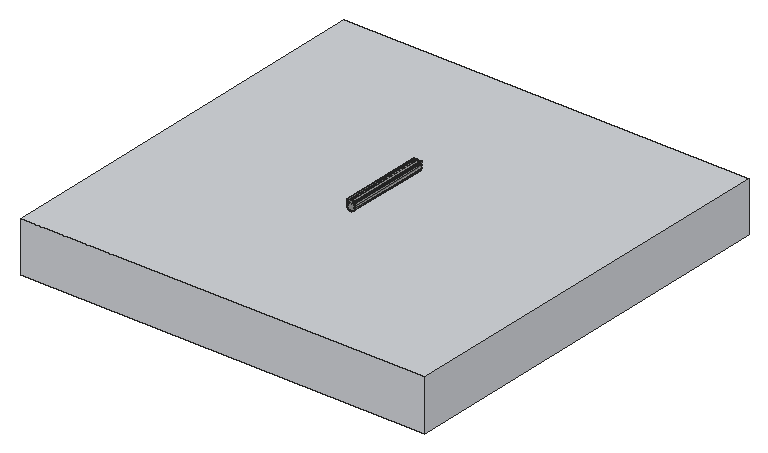
Revit family "L-trade 16 Standart", category Осветительные приборы, Revit 2017
Family settings
  Основа = Грань
  Размер круглого соединителя = Использовать диаметр
  Тип детали = Нормальный
  При загрузке вырезать с полостями = Нет
  Источник света = Да
  Общий = Нет
  Точка расчета площади = Нет
Parameters (values of type "L-trade 16 Standart 4.0K")
  Расстояние от светильника до поверхности = 100 mm
  Описание = "Универсальный светодиодный светильник L-trade 16 Standart предназначен для освещения торговых залов, промышленных помещений, логистических центров, магазинов, спортивных сооружений и т.д."
  Lamp = ""
  Кривая сил света = "Д"
  Комментарии к типоразмеру = "Торговые"
  Wattage Comments = ""
  Wattage = 10.1453 W
  built-in parameter 1150110 = 1 (stored number, unit not read)
  built-in parameter 1114217 = 1 (stored number, unit not read)
  Tilt Angle = 90.00°
  built-in parameter 1150109 = 1 (stored number, unit not read)
  built-in parameter 1150134 = 12
  built-in parameter 1150113 = 1 (stored number, unit not read)
  Файл фотометрической сетки = "L-trade 16-15-D-4.0K-02-Standart.ies"
  built-in parameter 1150142 = "IESNA:LM-63-1995\r\n[TEST]LEDEL\r\n[DATA]28.10.2017\r\n[MANUFAC]LEDEL\r\n[LUMCAT]L-trade 16-15-Д-4.0K-02-Standart\r\n[LUMINAIRE]Для общего внутреннего освещения производственных помещений, торговых залов, складов\r\n[LAMPCAT]LED\r\n[LAMP]OSRAM DURIS \r\nTILT=NONE\r\n\r\n1 1507 0.47152 37 10 1 2 0.537 0.048 0.0565\r\n\r\n1 1 15\r\n\r\n 0 2.5 5 7.5 10 12.5 15 17.5 20 22.5 25 27.5 30 32.5 35 37.5 40 42.5 45 47.5 50 52.5 55 57.5 60 62.5 65 67.5 70 72.5 75 77.5 80 82.5\r\n 85 87.5 90\r\n\r\n 0 10 20 30 40 50 60 70 80 90\r\n\r\n  1164 1166 1161 1156 1146 1132 1116 1094 1070 1043 1013 982 947 911 873 835 794 754 712 670 628 584 541 499 457 415 371 330\r\n  286 247 204 164 124 89 60 37 21\r\n  1161 1164 1164 1158 1149 1135 1119 1099 1075 1049 1020 988 954 917 880 840 799 759 717 675 632 590 546 504 460 417 373 331\r\n  290 250 210 171 133 98 67 42 22\r\n  1162 1164 1162 1158 1149 1134 1118 1099 1074 1049 1018 987 954 917 880 840 800 759 717 675 634 590 547 504 461 419 376 333\r\n  290 248 207 164 122 88 56 35 20\r\n  1164 1166 1164 1158 1148 1134 1117 1099 1074 1049 1018 988 954 920 882 844 804 764 722 681 638 599 556 514 470 425 381 335\r\n  292 250 209 171 133 97 66 40 22\r\n  1162 1166 1164 1158 1149 1136 1122 1100 1079 1052 1024 993 959 925 888 849 811 770 729 687 645 602 560 518 473 431 386 342\r\n  301 257 218 177 139 102 67 40 22\r\n  1164 1166 1164 1158 1149 1135 1120 1100 1079 1054 1026 997 964 929 893 855 818 778 737 695 653 611 568 525 482 440 395 351\r\n  308 265 222 180 140 103 69 42 22\r\n  1166 1166 1164 1158 1148 1135 1119 1100 1076 1052 1024 993 961 927 891 853 814 776 735 693 651 608 565 521 477 433 388 342 \r\n  296 248 202 162 122 86 55 31 15\r\n  1166 1166 1164 1158 1148 1135 1119 1100 1077 1052 1024 993 961 927 891 855 815 776 735 693 651 608 564 521 476 433 388 344\r\n  299 256 212 169 126 89 56 31 15\r\n  1166 1166 1164 1158 1150 1137 1123 1105 1083 1058 1032 1003 971 936 900 863 823 782 743 700 660 619 577 534 491 448 402 359\r\n  314 271 227 183 143 103 69 39 20\r\n  1166 1166 1164 1158 1149 1135 1122 1102 1081 1056 1028 999 967 932 897 858 821 781 741 700 657 613 570 527 484 440 395 351\r\n  307 263 221 179 137 98 64 36 19\r\n  \r"
  built-in parameter 1150105 = 119.92 (stored number, unit not read)
  Lumens = 1507 lm
  built-in parameter 1150115 = 1 (stored number, unit not read)
  built-in parameter 1150137 = (empty or 0)
  built-in parameter 1150139 = (empty or 0)
  built-in parameter 1150112 = 1 (stored number, unit not read)
  built-in parameter 1150114 = 1 (stored number, unit not read)
  built-in parameter 1150132 = 2
  Классификация нагрузок = Освещение
  built-in parameter 1150102 = (empty or 0)
  built-in parameter 1150107 = 4000 (stored number, unit not read)
  built-in parameter 1150138 = (empty or 0)
  built-in parameter 1150106 = 1.1992 (stored number, unit not read)
  Emit from Rectangle Width = 37.9 mm
  Emit from Rectangle Length = 485 mm
  Изготовитель = "LEDEL"
  Длина профиля = Emit from Rectangle Length + 15 mm  # 500 mm
  Emit Shape Visible in Rendering = no
  built-in parameter 1150104 = 13.8 (stored number, unit not read)
  Dimming Lamp Color Temperature Shift = (empty or 0)
  Default Elevation = 1219.2 mm
  Color Filter = 16777215
  built-in parameter 1114218 = 1 (stored number, unit not read)
  built-in parameter 1150133 = 10 (stored number, unit not read)
  Apparent Load = 15 VA  # constant formula
  Артикул = "311101500842100"
Types (2, lengths in mm): name | built-in parameter 1150134 | Файл фотометрической сетки | built-in parameter 1150142 | built-in parameter 1150107 | Артикул
  L-trade 16 Standart 4.0K | 12 | "L-trade 16-15-D-4.0K-02-Standart.ies" | "IESNA:LM-63-1995\r\n[TEST]LEDEL\r\n[DATA]28.10.2017\r\n[MANUFAC]LEDEL\r\n[LUMCAT]L-trade 16-15-Д-4.0K-02-Standart\r\n[LUMINAIRE]Для общего внутреннего освещения производственных помещений, торговых залов, складов\r\n[LAMPCAT]LED\r\n[LAMP]OSRAM DURIS \r\nTILT=NONE\r\n\r\n1 1507 0.47152 37 10 1 2 0.537 0.048 0.0565\r\n\r\n1 1 15\r\n\r\n 0 2.5 5 7.5 10 12.5 15 17.5 20 22.5 25 27.5 30 32.5 35 37.5 40 42.5 45 47.5 50 52.5 55 57.5 60 62.5 65 67.5 70 72.5 75 77.5 80 82.5\r\n 85 87.5 90\r\n\r\n 0 10 20 30 40 50 60 70 80 90\r\n\r\n  1164 1166 1161 1156 1146 1132 1116 1094 1070 1043 1013 982 947 911 873 835 794 754 712 670 628 584 541 499 457 415 371 330\r\n  286 247 204 164 124 89 60 37 21\r\n  1161 1164 1164 1158 1149 1135 1119 1099 1075 1049 1020 988 954 917 880 840 799 759 717 675 632 590 546 504 460 417 373 331\r\n  290 250 210 171 133 98 67 42 22\r\n  1162 1164 1162 1158 1149 1134 1118 1099 1074 1049 1018 987 954 917 880 840 800 759 717 675 634 590 547 504 461 419 376 333\r\n  290 248 207 164 122 88 56 35 20\r\n  1164 1166 1164 1158 1148 1134 1117 1099 1074 1049 1018 988 954 920 882 844 804 764 722 681 638 599 556 514 470 425 381 335\r\n  292 250 209 171 133 97 66 40 22\r\n  1162 1166 1164 1158 1149 1136 1122 1100 1079 1052 1024 993 959 925 888 849 811 770 729 687 645 602 560 518 473 431 386 342\r\n  301 257 218 177 139 102 67 40 22\r\n  1164 1166 1164 1158 1149 1135 1120 1100 1079 1054 1026 997 964 929 893 855 818 778 737 695 653 611 568 525 482 440 395 351\r\n  308 265 222 180 140 103 69 42 22\r\n  1166 1166 1164 1158 1148 1135 1119 1100 1076 1052 1024 993 961 927 891 853 814 776 735 693 651 608 565 521 477 433 388 342 \r\n  296 248 202 162 122 86 55 31 15\r\n  1166 1166 1164 1158 1148 1135 1119 1100 1077 1052 1024 993 961 927 891 855 815 776 735 693 651 608 564 521 476 433 388 344\r\n  299 256 212 169 126 89 56 31 15\r\n  1166 1166 1164 1158 1150 1137 1123 1105 1083 1058 1032 1003 971 936 900 863 823 782 743 700 660 619 577 534 491 448 402 359\r\n  314 271 227 183 143 103 69 39 20\r\n  1166 1166 1164 1158 1149 1135 1122 1102 1081 1056 1028 999 967 932 897 858 821 781 741 700 657 613 570 527 484 440 395 351\r\n  307 263 221 179 137 98 64 36 19\r\n  \r" | 4000 (stored number, unit not read) | "311101500842100"
  L-trade 16 Standart 5.0K | 2 | "L-trade 16-15-D-5.0K-02-Standart.ies" | "IESNA:LM-63-1995\r\n[TEST]LEDEL\r\n[DATA]28.10.2017\r\n[MANUFAC]LEDEL\r\n[LUMCAT]L-trade 16-15-Д-5.0K-02-Standart\r\n[LUMINAIRE]Для общего внутреннего освещения производственных помещений, торговых залов, складов\r\n[LAMPCAT]LED\r\n[LAMP]OSRAM DURIS \r\nTILT=NONE\r\n\r\n1 1507 0.47152 37 10 1 2 0.537 0.048 0.0565\r\n\r\n1 1 15\r\n\r\n 0 2.5 5 7.5 10 12.5 15 17.5 20 22.5 25 27.5 30 32.5 35 37.5 40 42.5 45 47.5 50 52.5 55 57.5 60 62.5 65 67.5 70 72.5 75 77.5 80 82.5\r\n 85 87.5 90\r\n\r\n 0 10 20 30 40 50 60 70 80 90\r\n\r\n  1164 1166 1161 1156 1146 1132 1116 1094 1070 1043 1013 982 947 911 873 835 794 754 712 670 628 584 541 499 457 415 371 330\r\n  286 247 204 164 124 89 60 37 21\r\n  1161 1164 1164 1158 1149 1135 1119 1099 1075 1049 1020 988 954 917 880 840 799 759 717 675 632 590 546 504 460 417 373 331\r\n  290 250 210 171 133 98 67 42 22\r\n  1162 1164 1162 1158 1149 1134 1118 1099 1074 1049 1018 987 954 917 880 840 800 759 717 675 634 590 547 504 461 419 376 333\r\n  290 248 207 164 122 88 56 35 20\r\n  1164 1166 1164 1158 1148 1134 1117 1099 1074 1049 1018 988 954 920 882 844 804 764 722 681 638 599 556 514 470 425 381 335\r\n  292 250 209 171 133 97 66 40 22\r\n  1162 1166 1164 1158 1149 1136 1122 1100 1079 1052 1024 993 959 925 888 849 811 770 729 687 645 602 560 518 473 431 386 342\r\n  301 257 218 177 139 102 67 40 22\r\n  1164 1166 1164 1158 1149 1135 1120 1100 1079 1054 1026 997 964 929 893 855 818 778 737 695 653 611 568 525 482 440 395 351\r\n  308 265 222 180 140 103 69 42 22\r\n  1166 1166 1164 1158 1148 1135 1119 1100 1076 1052 1024 993 961 927 891 853 814 776 735 693 651 608 565 521 477 433 388 342 \r\n  296 248 202 162 122 86 55 31 15\r\n  1166 1166 1164 1158 1148 1135 1119 1100 1077 1052 1024 993 961 927 891 855 815 776 735 693 651 608 564 521 476 433 388 344\r\n  299 256 212 169 126 89 56 31 15\r\n  1166 1166 1164 1158 1150 1137 1123 1105 1083 1058 1032 1003 971 936 900 863 823 782 743 700 660 619 577 534 491 448 402 359\r\n  314 271 227 183 143 103 69 39 20\r\n  1166 1166 1164 1158 1149 1135 1122 1102 1081 1056 1028 999 967 932 897 858 821 781 741 700 657 613 570 527 484 440 395 351\r\n  307 263 221 179 137 98 64 36 19\r\n  \r" | 5000 (stored number, unit not read) | "211012"
Reference planes
  plane 1 "Center (Front/Back)": y = 0
  plane 2: z = 0
  plane 3 "Center (Left/Right)": x = 0
Forms (mm)
  Extrusion 1, solid
    sketch origin (0, 0, 0) x (1, 0, 0) y (0, 1, 0)
      loop
        line (-1219.2, 1219.2) -> (-1219.2, -1219.2) -> (1219.2, -1219.2) -> (1219.2, 1219.2) -> (-1219.2, 1219.2)
    from 0 to -304.8
Dimensions and locks
  "Расстояние от светильника до поверхности": imposter light to Extrusion 1
  aligned and locked: plane 2 to Extrusion 1
  aligned and locked: level to Extrusion 1
Automatic sketch dimensions
  Extrusion 1 sketch curve to Extrusion 1 sketch curve = 2438.4 mm  (x2)
Nested families
  nested 1: "L-trade_body" at (0, 0, 0), type "L-trade_body"
Connectors
  electrical at (0, 0, 0), driven by "Apparent Load", driven by "Классификация нагрузок"
    settings: on Extrusion 1, index 1, voltage 230 V, apparent load 0 VA, apparent load phase1 15 VA, apparent load phase2 0 VA, apparent load phase3 0 VA, power factor 1, load classification "Освещение", number of poles 1, system type 31, power factor state 1, is connector primary yes, connector utility no, sub classification motor no, connector description ""
Definition of nested family "L-trade_body"
  Parameters (values of type "L-trade_body")
    Тип торцевой крышки = Trade Standart : Trade Standart
    Расстояние от светильника до плоскости = 55.991 mm
    Default Elevation = 1219.2 mm
    Начало выдавливания = Длина профиля / 2 * (-1)  # -250 mm
    Конец выдавливания = Длина профиля / 2  # 250 mm
    Длина профиля = 500 mm
  Reference planes
    plane 1 "По центру (Вперед/Назад)": y = 0
    plane 2: z = 0
    plane 3 "По центру (Влево/Вправо)": x = 0
    plane 4 "Плоскость расположения светильника": z = 55.991
  Forms (mm)
    Extrusion 1, solid
      sketch origin (0, 0, 0) x (1, 0, 0) y (0, 1, 0)
        loop
          line (-1219.2, 1219.2) -> (-1219.2, -1219.2) -> (1219.2, -1219.2) -> (1219.2, 1219.2) -> (-1219.2, 1219.2)
      from 0 to -304.8
    Extrusion 2, solid
      sketch origin (-0.012, 0, 76.46) x (0, 0, 1) y (1, 0, 0)
        loop
          arc (-59.25, -24.005) -> (-52.269, -20.15) -> (-45.287, -24.005) r 8.25
          arc (-45.287, -24.005) -> (-39.588, -21.546) -> (-34.671, -17.758) r 25
          arc (-34.671, -17.758) -> (-33.593, -19.381) -> (-31.769, -20) r 3
          line (-31.769, -20) -> (-31.747, -18.485)
          arc (-31.747, -18.485) -> (-32.827, -15.957) -> (-30.283, -17) r 1.486
          line (-30.283, -17) -> (-28.946, -18.017)
          arc (-28.946, -18.017) -> (-28.836, -17.633) -> (-28.778, -17.238) r 3
          arc (-28.778, -17.238) -> (-28.264, -17.566) -> (-27.736, -17.872) r 15
          arc (-27.736, -17.872) -> (-28.629, -21.6) -> (-25.469, -23.771) r 3.385
          line (-25.469, -23.771) -> (-20.469, -23.771) -> (-20.469, -21.96) -> (-20.469, -18.959) -> (-21.47, -18.959) -> (-21.47, -21.96) -> (-25.469, -21.96)
          arc (-25.469, -21.96) -> (-26.945, -20.195) -> (-24.946, -19.054) r 1.5
          line (-24.946, -19.054) -> (-24.946, -17.462)
          arc (-24.946, -17.462) -> (-28.28, -15.733) -> (-31.007, -13.151) r 13.477
          arc (-31.007, -13.151) -> (-31.597, -12.352) -> (-32.126, -11.512) r 13.477
          arc (-32.126, -11.512) -> (-33.542, -8.026) -> (-33.938, -4.283) r 13.477
          line (-33.938, -4.283) -> (-34.93, -4.283) -> (-34.93, -5.255) -> (-36.043, -5.255) -> (-36.043, 0) -> (-36.043, 5.255) -> (-34.93, 5.255) -> (-34.93, 4.283) -> (-33.938, 4.283)
          arc (-33.938, 4.283) -> (-33.542, 8.026) -> (-32.126, 11.512) r 13.477
          arc (-32.126, 11.512) -> (-31.597, 12.352) -> (-31.007, 13.151) r 13.477
          arc (-31.007, 13.151) -> (-28.28, 15.733) -> (-24.946, 17.462) r 13.477
          line (-24.946, 17.462) -> (-24.946, 19.054)
          arc (-24.946, 19.054) -> (-26.945, 20.195) -> (-25.469, 21.96) r 1.5
          line (-25.469, 21.96) -> (-21.47, 21.96) -> (-21.47, 18.959) -> (-20.469, 18.959) -> (-20.469, 21.96) -> (-20.469, 23.771) -> (-25.469, 23.771)
          arc (-25.469, 23.771) -> (-28.629, 21.6) -> (-27.736, 17.872) r 3.385
          arc (-27.736, 17.872) -> (-28.264, 17.566) -> (-28.778, 17.238) r 15
          arc (-28.778, 17.238) -> (-28.836, 17.633) -> (-28.946, 18.017) r 3
          line (-28.946, 18.017) -> (-30.283, 17)
          arc (-30.283, 17) -> (-32.819, 15.949) -> (-31.769, 18.486) r 1.486
          line (-31.769, 18.486) -> (-31.769, 20)
          arc (-31.769, 20) -> (-33.603, 19.374) -> (-34.671, 17.758) r 3
          arc (-34.671, 17.758) -> (-39.588, 21.546) -> (-45.287, 24.005) r 25
          arc (-45.287, 24.005) -> (-52.269, 20.15) -> (-59.25, 24.005) r 8.25
          arc (-59.25, 24.005) -> (-64.079, 22.034) -> (-68.395, 19.104) r 25
          line (-68.395, 19.104) -> (-69.102, 17.807)
          arc (-69.102, 17.807) -> (-68.597, 17.356) -> (-68.344, 16.728) r 1.489
          arc (-68.344, 16.728) -> (-68.731, 15.48) -> (-69.953, 15.017) r 1.489
          arc (-69.953, 15.017) -> (-71.216, 15.994) -> (-70.869, 17.553) r 1.489
          line (-70.869, 17.553) -> (-71.913, 18.598)
          arc (-71.913, 18.598) -> (-72.763, 16.832) -> (-72.327, 14.922) r 2.966
          arc (-72.327, 14.922) -> (-75.219, 9.913) -> (-76.883, 4.375) r 25
          line (-76.883, 4.375) -> (-76.883, 2.61) -> (-75.101, 2.61) -> (-75.101, 4.112) -> (-71.169, 4.112) -> (-71.169, 0) -> (-71.169, -4.112) -> (-75.101, -4.112) -> (-75.101, -2.61) -> (-76.883, -2.61) -> (-76.883, -4.375)
          arc (-76.883, -4.375) -> (-75.219, -9.913) -> (-72.327, -14.922) r 25
          arc (-72.327, -14.922) -> (-72.763, -16.832) -> (-71.913, -18.598) r 2.966
          line (-71.913, -18.598) -> (-70.869, -17.553)
          arc (-70.869, -17.553) -> (-71.216, -15.994) -> (-69.953, -15.017) r 1.489
          arc (-69.953, -15.017) -> (-68.731, -15.48) -> (-68.344, -16.728) r 1.489
          arc (-68.344, -16.728) -> (-68.597, -17.356) -> (-69.102, -17.807) r 1.489
          line (-69.102, -17.807) -> (-68.395, -19.104)
          arc (-68.395, -19.104) -> (-64.079, -22.034) -> (-59.25, -24.005) r 25
        loop
          arc (-59.931, -21.898) -> (-52.269, -18.35) -> (-44.606, -21.898) r 10.05
          arc (-44.606, -21.898) -> (-38.092, -18.365) -> (-33.024, -12.957) r 23.2
          arc (-33.024, -12.957) -> (-34.527, -9.982) -> (-35.335, -6.748) r 15
          line (-35.335, -6.748) -> (-37.561, -6.748) -> (-37.561, 0) -> (-37.561, 6.748) -> (-35.335, 6.748)
          arc (-35.335, 6.748) -> (-34.527, 9.982) -> (-33.024, 12.957) r 15
          arc (-33.024, 12.957) -> (-38.092, 18.365) -> (-44.606, 21.898) r 23.2
          arc (-44.606, 21.898) -> (-52.269, 18.35) -> (-59.931, 21.898) r 10.05
          arc (-59.931, 21.898) -> (-63.725, 20.174) -> (-67.149, 17.799) r 23.2
          arc (-67.149, 17.799) -> (-67.655, 14.468) -> (-70.949, 13.759) r 2.966
          arc (-70.949, 13.759) -> (-73.267, 9.864) -> (-74.784, 5.594) r 23.2
          line (-74.784, 5.594) -> (-69.669, 5.594) -> (-69.669, 0) -> (-69.669, -5.594) -> (-74.784, -5.594)
          arc (-74.784, -5.594) -> (-73.267, -9.864) -> (-70.949, -13.759) r 23.2
          arc (-70.949, -13.759) -> (-67.655, -14.468) -> (-67.149, -17.799) r 2.966
          arc (-67.149, -17.799) -> (-63.725, -20.174) -> (-59.931, -21.898) r 23.2
      from -250 <- "Начало выдавливания" to 250 <- "Конец выдавливания"
    Extrusion 3, solid
      sketch origin (-0.012, 0.083, 76.46) x (-1, 0, 0) y (0, 0, -1)
        loop
          line (21.96, 21.47) -> (21.96, 24.47) -> (-21.96, 24.47) -> (-21.96, 21.47) -> (21.96, 21.47)
      from -250 <- "Начало выдавливания" to 250 <- "Конец выдавливания"
  Dimensions and locks
    "Расстояние от светильника до плоскости": plane 4 "Плоскость расположения светильника" to Extrusion 1
    aligned and locked: plane 2 to Extrusion 1
    aligned and locked: level to Extrusion 1
  Automatic sketch dimensions
    Extrusion 1 sketch curve to Extrusion 1 sketch curve = 2438.4 mm  (x2)
    Extrusion 2 sketch curve to Extrusion 2 sketch curve = 0 mm  (x233)
    Extrusion 2 sketch curve to plane 4 "Плоскость расположения светильника" = 0 mm  (x4)
    Extrusion 2 sketch curve to Extrusion 2 sketch curve = 1.002 mm
    Extrusion 2 sketch curve to plane 4 "Плоскость расположения светильника" = 1.002 mm
    Extrusion 2 sketch curve to Extrusion 2 sketch curve = 3.475 mm  (x2)
    Extrusion 2 sketch curve to Extrusion 2 sketch curve = 0.523 mm  (x2)
    Extrusion 2 sketch curve to Extrusion 2 sketch curve = 4.001 mm  (x2)
    Extrusion 2 sketch curve to Extrusion 2 sketch curve = 1.337 mm  (x2)
    Extrusion 2 sketch curve to Extrusion 2 sketch curve = 1.486 mm  (x2)
    plane 3 "По центру (Влево/Вправо)" to Extrusion 2 sketch curve = 4.272 mm
    Extrusion 2 sketch curve to Extrusion 2 sketch curve = 2.169 mm
    Extrusion 2 sketch curve to plane 3 "По центру (Влево/Вправо)" = 4.295 mm
    Extrusion 2 sketch curve to Extrusion 2 sketch curve = 0.992 mm  (x2)
    Extrusion 2 sketch curve to Extrusion 2 sketch curve = 0.405 mm  (x2)
    Extrusion 2 sketch curve to Extrusion 2 sketch curve = 1.113 mm
    Extrusion 2 sketch curve to Extrusion 2 sketch curve = 1.518 mm
    Extrusion 2 sketch curve to plane 3 "По центру (Влево/Вправо)" = 0.012 mm  (x5)
    Extrusion 2 sketch curve to Extrusion 2 sketch curve = 14.707 mm
    Extrusion 2 sketch curve to Extrusion 2 sketch curve = 20.5 mm  (x2)
    Extrusion 2 sketch curve to Extrusion 2 sketch curve = 16.126 mm  (x2)
    Extrusion 2 sketch curve to Extrusion 2 sketch curve = 0.708 mm  (x2)
    plane 3 "По центру (Влево/Вправо)" to Extrusion 2 sketch curve = 5.582 mm
    Extrusion 2 sketch curve to Extrusion 2 sketch curve = 0.566 mm
    Extrusion 2 sketch curve to Extrusion 2 sketch curve = 0.713 mm  (x2)
    Extrusion 2 sketch curve to Extrusion 2 sketch curve = 1.053 mm  (x3)
    Extrusion 2 sketch curve to Extrusion 2 sketch curve = 1.5 mm
    Extrusion 2 sketch curve to Extrusion 2 sketch curve = 1.045 mm  (x4)
    Extrusion 2 sketch curve to plane 3 "По центру (Влево/Вправо)" = 18.609 mm
    Extrusion 2 sketch curve to Extrusion 2 sketch curve = 3.615 mm  (x2)
    Extrusion 2 sketch curve to Extrusion 2 sketch curve = 0.317 mm  (x2)
    Extrusion 2 sketch curve to Extrusion 2 sketch curve = 1.782 mm  (x2)
    Extrusion 2 sketch curve to plane 3 "По центру (Влево/Вправо)" = 18.971 mm
    Extrusion 2 sketch curve to Extrusion 2 sketch curve = 0.095 mm
    Extrusion 2 sketch curve to Extrusion 2 sketch curve = 0.506 mm
    Extrusion 2 sketch curve to Extrusion 2 sketch curve = 1.331 mm  (x2)
    Extrusion 2 sketch curve to Extrusion 2 sketch curve = 0.075 mm  (x2)
    Extrusion 2 sketch curve to Extrusion 2 sketch curve = 1.81 mm  (x2)
    Extrusion 2 sketch curve to Extrusion 2 sketch curve = 9.296 mm  (x2)
    Extrusion 2 sketch curve to Extrusion 2 sketch curve = 1.037 mm
    Extrusion 2 sketch curve to Extrusion 2 sketch curve = 1.297 mm  (x2)
    Extrusion 2 sketch curve to Extrusion 2 sketch curve = 1.593 mm  (x2)
    Extrusion 2 sketch curve to Extrusion 2 sketch curve = 1.017 mm  (x2)
    Extrusion 2 sketch curve to Extrusion 2 sketch curve = 2.464 mm
    Extrusion 2 sketch curve to plane 3 "По центру (Влево/Вправо)" = 5.606 mm
    Extrusion 2 sketch curve to Extrusion 2 sketch curve = 0.971 mm  (x2)
    Extrusion 2 sketch curve to Extrusion 2 sketch curve = 1.219 mm
    Extrusion 2 sketch curve to Extrusion 2 sketch curve = 1.482 mm  (x2)
    Extrusion 2 sketch curve to Extrusion 2 sketch curve = 1.502 mm
    plane 3 "По центру (Влево/Вправо)" to Extrusion 2 sketch curve = 2.598 mm
    Extrusion 2 sketch curve to Extrusion 2 sketch curve = 1.765 mm
    plane 3 "По центру (Влево/Вправо)" to Extrusion 2 sketch curve = 4.738 mm
    Extrusion 2 sketch curve to Extrusion 2 sketch curve = 1.493 mm
    Extrusion 2 sketch curve to Extrusion 2 sketch curve = 10.906 mm
    Extrusion 2 sketch curve to Extrusion 2 sketch curve = 0.462 mm
    Extrusion 2 sketch curve to Extrusion 2 sketch curve = 1.497 mm
    Extrusion 2 sketch curve to Extrusion 2 sketch curve = 1.514 mm
    Extrusion 2 sketch curve to Extrusion 2 sketch curve = 1.21 mm  (x2)
    Extrusion 2 sketch curve to Extrusion 2 sketch curve = 0.724 mm  (x2)
    Extrusion 2 sketch curve to Extrusion 2 sketch curve = 0.024 mm  (x2)
    Extrusion 2 sketch curve to Extrusion 2 sketch curve = 0.021 mm
    Extrusion 2 sketch curve to Extrusion 2 sketch curve = 1.119 mm  (x2)
    Extrusion 2 sketch curve to Extrusion 2 sketch curve = 0.898 mm  (x2)
    Extrusion 2 sketch curve to Extrusion 2 sketch curve = 2.903 mm  (x2)
    Extrusion 2 sketch curve to Extrusion 2 sketch curve = 7.663 mm  (x2)
    Extrusion 2 sketch curve to Extrusion 2 sketch curve = 0.681 mm  (x4)
    Extrusion 2 sketch curve to Extrusion 2 sketch curve = 6.982 mm
    Extrusion 2 sketch curve to Extrusion 2 sketch curve = 1.246 mm  (x2)
    Extrusion 2 sketch curve to Extrusion 2 sketch curve = 0.758 mm  (x2)
    Extrusion 2 sketch curve to Extrusion 2 sketch curve = 0.137 mm  (x2)
    Extrusion 3 sketch curve to plane 4 "Плоскость расположения светильника" = 1.002 mm
    plane 3 "По центру (Влево/Вправо)" to Extrusion 3 sketch curve = 21.949 mm
    Extrusion 3 sketch curve to plane 4 "Плоскость расположения светильника" = 4.002 mm
    Extrusion 3 sketch curve to plane 3 "По центру (Влево/Вправо)" = 21.972 mm
  Nested families
    nested 1: "Trade Standart" at (0.555, 0.024, 0), type <- "Тип торцевой крышки", type "Trade Standart"
      with Расстояние до плоскости 55.991 mm, Начало профиля 250 mm, Конец профиля 250 mm
    nested 2: "Trade Standart" at (0.452, 0, 0), type <- "Тип торцевой крышки", type "Trade Standart"
      with Расстояние до плоскости 55.991 mm, Начало профиля 250 mm, Конец профиля 250 mm
  Definition of nested family "Trade Standart"
    Parameters (values of type "Trade Standart")
      Расстояние до плоскости = 150 mm
      Default Elevation = 1219.2 mm
      Начало профиля = 249.976 mm
      Конец профиля = 250.024 mm
    Reference planes
      plane 1 "По центру (Вперед/Назад)": y = 0
      plane 2: z = 0
      plane 3 "По центру (Влево/Вправо)": x = 0
      plane 4 "Плоскость светильника": z = 150
    Forms (mm)
      Extrusion 1, solid
        sketch origin (0, 0, 0) x (1, 0, 0) y (0, 1, 0)
          loop
            line (-1219.2, 1219.2) -> (-1219.2, -1219.2) -> (1219.2, -1219.2) -> (1219.2, 1219.2) -> (-1219.2, 1219.2)
        from 0 to -304.8
      Extrusion 2, solid
        sketch origin (-19.367, -250.024, 150) x (1, 0, 0) y (0, 0, 1)
          loop
            arc (33.722, -51.859) -> (35.632, -52.295) -> (37.398, -51.445) r 2.966
            arc (37.398, -51.445) -> (38.236, -49.77) -> (37.904, -47.926) r 2.966
            arc (37.904, -47.926) -> (40.834, -43.611) -> (42.805, -38.782) r 25
            arc (42.805, -38.782) -> (38.95, -31.8) -> (42.805, -24.818) r 8.25
            arc (42.805, -24.818) -> (40.346, -19.12) -> (36.558, -14.203) r 25
            arc (36.558, -14.203) -> (38.174, -13.134) -> (38.8, -11.3) r 3
            arc (38.8, -11.3) -> (38.255, -9.575) -> (36.817, -8.478) r 3
            arc (36.817, -8.478) -> (36.433, -8.368) -> (36.038, -8.309) r 3
            arc (36.038, -8.309) -> (36.366, -7.795) -> (36.672, -7.268) r 15
            arc (36.672, -7.268) -> (40.4, -8.16) -> (42.571, -5) r 3.385
            line (42.571, -5) -> (42.571, 0) -> (40.76, 0) -> (37.759, 0) -> (-0.159, 0) -> (-3.16, 0) -> (-4.971, 0) -> (-4.971, -5)
            arc (-4.971, -5) -> (-2.8, -8.16) -> (0.928, -7.268) r 3.385
            arc (0.928, -7.268) -> (1.234, -7.795) -> (1.562, -8.309) r 15
            arc (1.562, -8.309) -> (1.167, -8.368) -> (0.783, -8.478) r 3
            arc (0.783, -8.478) -> (-0.655, -9.575) -> (-1.2, -11.3) r 3
            arc (-1.2, -11.3) -> (-0.574, -13.134) -> (1.042, -14.203) r 3
            arc (1.042, -14.203) -> (-2.746, -19.12) -> (-5.205, -24.818) r 25
            arc (-5.205, -24.818) -> (-1.35, -31.8) -> (-5.205, -38.782) r 8.25
            arc (-5.205, -38.782) -> (-3.234, -43.611) -> (-0.304, -47.926) r 25
            arc (-0.304, -47.926) -> (-0.636, -49.77) -> (0.202, -51.445) r 2.966
            arc (0.202, -51.445) -> (1.968, -52.295) -> (3.878, -51.859) r 2.966
            arc (3.878, -51.859) -> (9.009, -54.803) -> (14.688, -56.46) r 25
            line (14.688, -56.46) -> (14.688, -50.7) -> (18.8, -50.7) -> (22.912, -50.7) -> (22.912, -56.46)
            arc (22.912, -56.46) -> (28.591, -54.803) -> (33.722, -51.859) r 25
        from 0 to 1.5
      Extrusion 3, solid
        sketch origin (18.233, 249.976, 150) x (-1, 0, 0) y (0, 0, 1)
          loop
            arc (3.884, -51.859) -> (9.014, -54.803) -> (14.693, -56.46) r 25
            line (14.693, -56.46) -> (14.693, -50.7) -> (18.805, -50.7) -> (22.917, -50.7) -> (22.917, -56.46)
            arc (22.917, -56.46) -> (28.596, -54.803) -> (33.727, -51.859) r 25
            arc (33.727, -51.859) -> (35.637, -52.295) -> (37.403, -51.445) r 2.966
            arc (37.403, -51.445) -> (38.241, -49.77) -> (37.909, -47.926) r 2.966
            arc (37.909, -47.926) -> (40.839, -43.611) -> (42.81, -38.782) r 25
            arc (42.81, -38.782) -> (38.955, -31.8) -> (42.81, -24.818) r 8.25
            arc (42.81, -24.818) -> (40.351, -19.12) -> (36.563, -14.203) r 25
            arc (36.563, -14.203) -> (38.179, -13.134) -> (38.805, -11.3) r 3
            arc (38.805, -11.3) -> (38.26, -9.575) -> (36.822, -8.478) r 3
            arc (36.822, -8.478) -> (36.438, -8.368) -> (36.043, -8.309) r 3
            arc (36.043, -8.309) -> (36.371, -7.795) -> (36.677, -7.268) r 15
            arc (36.677, -7.268) -> (40.405, -8.16) -> (42.576, -5) r 3.385
            line (42.576, -5) -> (42.576, 0) -> (40.765, 0) -> (37.764, 0) -> (-0.154, 0) -> (-3.155, 0) -> (-4.966, 0) -> (-4.966, -5)
            arc (-4.966, -5) -> (-2.795, -8.16) -> (0.933, -7.268) r 3.385
            arc (0.933, -7.268) -> (1.239, -7.795) -> (1.567, -8.309) r 15
            arc (1.567, -8.309) -> (1.172, -8.368) -> (0.788, -8.478) r 3
            arc (0.788, -8.478) -> (-0.65, -9.575) -> (-1.195, -11.3) r 3
            arc (-1.195, -11.3) -> (-0.569, -13.134) -> (1.047, -14.203) r 3
            arc (1.047, -14.203) -> (-2.741, -19.12) -> (-5.2, -24.818) r 25
            arc (-5.2, -24.818) -> (-1.345, -31.8) -> (-5.2, -38.782) r 8.25
            arc (-5.2, -38.782) -> (-3.229, -43.611) -> (-0.299, -47.926) r 25
            arc (-0.299, -47.926) -> (-0.631, -49.77) -> (0.207, -51.445) r 2.966
            arc (0.207, -51.445) -> (1.973, -52.295) -> (3.884, -51.859) r 2.966
        from 0 to 1.5
      Extrusion 4, solid
        sketch origin (0, -398.223, 150) x (0, -1, 0) y (1, 0, 0)
          loop
            line (-154.699, 18.233) -> (-154.699, -19.367) -> (-148.199, -19.367) -> (-148.199, 18.233) -> (-154.699, 18.233)
          loop
            line (-648.199, -19.367) -> (-641.699, -19.367) -> (-641.699, 18.233) -> (-648.199, 18.233) -> (-648.199, -19.367)
        from 0 to -1
    Dimensions and locks
      "Расстояние до плоскости": plane 4 "Плоскость светильника" to Extrusion 1
      "Конец профиля": plane 1 "По центру (Вперед/Назад)" to Extrusion 4
      "Начало профиля": Extrusion 4 to plane 1 "По центру (Вперед/Назад)"
      aligned and locked: plane 2 to Extrusion 1
      aligned and locked: level to Extrusion 1
    Automatic sketch dimensions
      Extrusion 1 sketch curve to Extrusion 1 sketch curve = 2438.4 mm  (x2)
      Extrusion 4 sketch curve to plane 3 "По центру (Влево/Вправо)" = 19.367 mm  (x2)
      plane 1 "По центру (Вперед/Назад)" to Extrusion 4 sketch curve = 243.524 mm
      Extrusion 4 sketch curve to Extrusion 4 sketch curve = 6.5 mm  (x2)
      plane 3 "По центру (Влево/Вправо)" to Extrusion 4 sketch curve = 18.233 mm  (x2)
      Extrusion 4 sketch curve to plane 1 "По центру (Вперед/Назад)" = 243.476 mm
      Extrusion 2 sketch curve to Extrusion 2 sketch curve = 0 mm  (x46)
      Extrusion 2 sketch curve to Extrusion 4 = 0 mm  (x3)
      Extrusion 2 sketch curve to Extrusion 4 = 9.6 mm
      Extrusion 2 sketch curve to Extrusion 4 = 4.971 mm
      Extrusion 2 sketch curve to Extrusion 2 sketch curve = 1.81 mm
      Extrusion 2 sketch curve to Extrusion 4 = 1.585 mm
      Extrusion 2 sketch curve to Extrusion 4 = 0.159 mm
      Extrusion 4 to Extrusion 2 sketch curve = 1.8 mm
      Extrusion 4 to Extrusion 2 sketch curve = 2.3 mm
      Extrusion 4 to Extrusion 2 sketch curve = 14.05 mm
      Extrusion 2 sketch curve to Extrusion 2 sketch curve = 12.388 mm
      Extrusion 4 to Extrusion 2 sketch curve = 18.8 mm
      Extrusion 2 sketch curve to Extrusion 2 sketch curve = 4.112 mm  (x2)
      Extrusion 2 sketch curve to Extrusion 2 sketch curve = 9.5 mm
      Extrusion 2 sketch curve to Extrusion 4 = 2.3 mm
      Extrusion 2 sketch curve to Extrusion 4 = 1.8 mm
      Extrusion 4 to Extrusion 2 sketch curve = 0.159 mm
      Extrusion 4 to Extrusion 2 sketch curve = 1.585 mm
      Extrusion 2 sketch curve to Extrusion 2 sketch curve = 3.001 mm
      Extrusion 2 sketch curve to Extrusion 2 sketch curve = 3.385 mm
      Extrusion 4 to Extrusion 2 sketch curve = 9.6 mm
      Extrusion 2 sketch curve to Extrusion 4 = 4 mm  (x2)
      Extrusion 2 sketch curve to Extrusion 2 sketch curve = 6.3 mm  (x2)
      Extrusion 2 sketch curve to Extrusion 2 sketch curve = 20.5 mm  (x3)
      Extrusion 2 sketch curve to Extrusion 2 sketch curve = 17.547 mm  (x2)
      Extrusion 2 sketch curve to Extrusion 2 sketch curve = 1.353 mm
      Extrusion 2 sketch curve to Extrusion 2 sketch curve = 5.76 mm  (x2)
      Extrusion 2 sketch curve to Extrusion 4 = 5.205 mm  (x2)
      Extrusion 2 sketch curve to Extrusion 4 = 1.2 mm
      Extrusion 2 sketch curve to Extrusion 4 = 0.304 mm
      Extrusion 4 to Extrusion 2 sketch curve = 0.202 mm
      Extrusion 4 to Extrusion 2 sketch curve = 0.783 mm
      Extrusion 4 to Extrusion 2 sketch curve = 0.928 mm
      Extrusion 4 to Extrusion 2 sketch curve = 1.042 mm
      Extrusion 2 sketch curve to Extrusion 2 sketch curve = 1.578 mm
      Extrusion 2 sketch curve to Extrusion 4 = 1.562 mm
      Extrusion 2 sketch curve to Extrusion 4 = 1.042 mm
      Extrusion 2 sketch curve to Extrusion 4 = 0.928 mm
      Extrusion 2 sketch curve to Extrusion 4 = 0.783 mm
      Extrusion 2 sketch curve to Extrusion 4 = 0.202 mm
      Extrusion 4 to Extrusion 2 sketch curve = 0.304 mm
      Extrusion 4 to Extrusion 2 sketch curve = 5.205 mm
      Extrusion 3 sketch curve to Extrusion 3 sketch curve = 0 mm  (x46)
      Extrusion 3 sketch curve to Extrusion 4 = 0 mm  (x3)
      Extrusion 3 sketch curve to Extrusion 4 = 9.595 mm
      Extrusion 3 sketch curve to Extrusion 4 = 4.966 mm
      Extrusion 3 sketch curve to Extrusion 3 sketch curve = 1.81 mm  (x2)
      Extrusion 3 sketch curve to Extrusion 4 = 1.58 mm
      Extrusion 3 sketch curve to Extrusion 4 = 0.154 mm
      Extrusion 4 to Extrusion 3 sketch curve = 1.805 mm
      Extrusion 4 to Extrusion 3 sketch curve = 2.305 mm
      Extrusion 4 to Extrusion 3 sketch curve = 14.055 mm
      Extrusion 3 sketch curve to Extrusion 3 sketch curve = 12.388 mm
      Extrusion 3 sketch curve to Extrusion 4 = 18.795 mm
      Extrusion 3 sketch curve to Extrusion 3 sketch curve = 4.112 mm  (x2)
      Extrusion 3 sketch curve to Extrusion 3 sketch curve = 9.5 mm
      Extrusion 3 sketch curve to Extrusion 4 = 2.295 mm
      Extrusion 3 sketch curve to Extrusion 4 = 1.795 mm
      Extrusion 4 to Extrusion 3 sketch curve = 0.164 mm
      Extrusion 4 to Extrusion 3 sketch curve = 1.59 mm
      Extrusion 3 sketch curve to Extrusion 3 sketch curve = 3.001 mm
      Extrusion 4 to Extrusion 3 sketch curve = 9.605 mm
      Extrusion 3 sketch curve to Extrusion 4 = 4 mm  (x2)
      Extrusion 3 sketch curve to Extrusion 3 sketch curve = 6.3 mm  (x2)
      Extrusion 3 sketch curve to Extrusion 3 sketch curve = 20.5 mm  (x3)
      Extrusion 3 sketch curve to Extrusion 3 sketch curve = 17.547 mm  (x2)
      Extrusion 3 sketch curve to Extrusion 3 sketch curve = 1.353 mm
      Extrusion 3 sketch curve to Extrusion 3 sketch curve = 5.76 mm  (x2)
      Extrusion 3 sketch curve to Extrusion 4 = 5.2 mm  (x2)
      Extrusion 3 sketch curve to Extrusion 4 = 1.195 mm
      Extrusion 3 sketch curve to Extrusion 4 = 0.299 mm
      Extrusion 4 to Extrusion 3 sketch curve = 0.207 mm
      Extrusion 4 to Extrusion 3 sketch curve = 0.788 mm
      Extrusion 4 to Extrusion 3 sketch curve = 0.933 mm
      Extrusion 4 to Extrusion 3 sketch curve = 1.047 mm
      Extrusion 3 sketch curve to Extrusion 3 sketch curve = 1.578 mm
      Extrusion 3 sketch curve to Extrusion 4 = 1.557 mm
      Extrusion 3 sketch curve to Extrusion 4 = 1.037 mm
      Extrusion 3 sketch curve to Extrusion 4 = 0.923 mm
      Extrusion 3 sketch curve to Extrusion 4 = 0.778 mm
      Extrusion 3 sketch curve to Extrusion 4 = 0.197 mm
      Extrusion 4 to Extrusion 3 sketch curve = 0.309 mm
      Extrusion 4 to Extrusion 3 sketch curve = 5.21 mm
